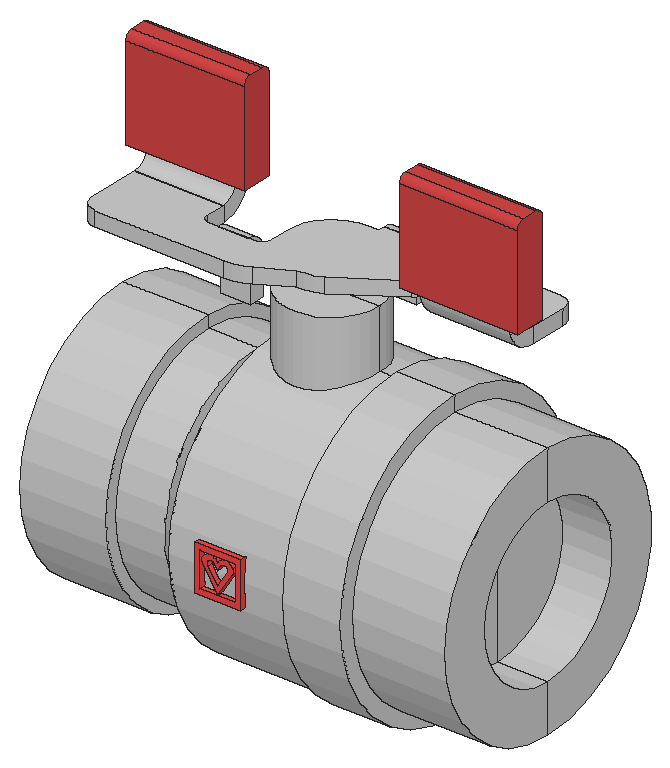
Revit family "Kugelhahn mit Knebelgriff (Blech) 2201", category Rohrzubehör, Revit 2020
Family settings
  Bemaßung runder Anschluss = Durchmesser verwenden
  Teiletyp = Unterbricht
  OmniClass-Nummer = 23.65.55.14
  OmniClass-Titel = Valves for Liquid Services
  Arbeitsebenenbasiert = Nein
  Immer vertikal = Ja
  Beim Laden mit Abzugskörper schneiden = Nein
  Gemeinsam genutzt = Nein
Parameters
  Vorgabe-Ansicht = 0 mm
  Min.Betriebstemperatur (Wasser) = 0.5 °C  # constant formula
  Min.Betriebstemperatur = -30 °C  # constant formula
  Max.Betriebstemperatur (Wasser - kein Dampf) = 110 °C  # constant formula
  Max.Betriebstemperatur = 150 °C  # constant formula
  Max.Betriebsdruck (Verschraubung) = 1600000.0 Pa  # constant formula
  Max.Betriebsdruck = 2500000.0 Pa  # constant formula
  W01 = 135.00°  # constant formula
  URL = "www.herz-armaturen.at"
  Spindeldichtung = "PTFE"  # constant formula
  Spindel = "Messing nach EN 12164, CW614N"  # constant formula
  SCRNSEQ = "ARM;ARM_TYP=\"ABVS\";2"
  SCRNCODE = "05;10;02"  # constant formula
  S02 [instance] = 2 * D01  # 51 mm
  S01 [instance] = L01 + L02 + L06  # 84.5 mm
  R01 [instance] = size_lookup("2201_3X_", "R1", 1 mm, Nennweite)  # 9.5 mm
  Nennweite [instance] = 32 mm
  Medium = "Heizungswasserqualität nach ÖNORM H 5195 oder VDI-Richtline 2035.\r\nDie Verwendung von Ethylen- oder Propylenglykol in einem Mischungsverhältnis 25 - 50% ist zulässig."
  L06 [instance] = size_lookup("2201_3X_", "L6", 1 mm, Nennweite)  # 18.5 mm
  L05 [instance] = size_lookup("2201_3X_", "L5", 1 mm, Nennweite)  # 34.8 mm
  L04 [instance] = size_lookup("2201_3X_", "L4", 1 mm, Nennweite)  # 11.5 mm
  L03 [instance] = size_lookup("2201_3X_", "L3", 1 mm, Nennweite)  # 17 mm
  L02 [instance] = size_lookup("2201_3X_", "L2", 1 mm, Nennweite)  # 24.5 mm
  L01 [instance] = size_lookup("2201_3X_", "L1", 1 mm, Nennweite)  # 41.5 mm
  Kugeldichtung = "PTFE"  # constant formula
  Kugel = "geschmiedetes Messing nach EN 12165, voller Durchgang, verchromt, CW617N"  # constant formula
  Innengewinde = "nach ISO 228-1"  # constant formula
  IG [instance] = Nennweite / 2  # 16 mm
  Hersteller = "HERZ Armaturen Ges.m.b.H"  # constant formula
  H01 [instance] = size_lookup("2201_3X_", "H1", 1 mm, Nennweite)  # 39 mm
  Griff = "Knebelgriff rot, Stahlblech beschichtet"  # constant formula
  Gewicht [instance] = if(Nennweite = 15 mm, 0.17, if(Nennweite = 20 mm, 0.246, if(Nennweite = 25 mm, 0.458, if(Nennweite = 32 mm, 0.712, 0))))  # 0.712
  Gehäuse = "geschmiedetes Messing nach EN 12165, vernickelt, CW617N"  # constant formula
  GT1 [instance] = size_lookup("2201_3X_", "GT1", 1 mm, Nennweite)  # 10 mm
  GT [instance] = size_lookup("2201_3X_", "GT", 1 mm, Nennweite)  # 16 mm
  Einsatzbereich = "Kugelhähne werden zum Absperren von Leitungen und Anlagen verwendet.\r\nEinsatzbereiche sind Heizungs- und Kälteanlagen.\r\nDer Kugelhahn ist nicht geeignet für die Durchflussregelung und muss immer in voll geöffneter oder geschlossener Position verwendet werden."
  DN25-DN32 [instance] = if(Nennweite = 25 mm, 38 mm, 43 mm)  # 43 mm
  DN25+DN32 [instance] = or(Nennweite = 25 mm, Nennweite = 32 mm)  # yes
  DN15-DN20 [instance] = if(Nennweite = 15 mm, 28 mm, 31 mm)  # 31 mm
  DN15+DN20 [instance] = or(Nennweite = 15 mm, Nennweite = 20 mm)  # no
  D05 [instance] = size_lookup("2201_3X_", "D5", 1 mm, Nennweite)  # 25.55 mm
  D04 [instance] = size_lookup("2201_3X_", "D4", 1 mm, Nennweite)  # 27.5 mm
  D03 [instance] = size_lookup("2201_3X_", "D3", 1 mm, Nennweite)  # 28.5 mm
  D02 [instance] = size_lookup("2201_3X_", "D2", 1 mm, Nennweite)  # 23.2 mm
  D01 [instance] = size_lookup("2201_3X_", "D1", 1 mm, Nennweite)  # 25.5 mm
  Bestellnummer [instance] = size_lookup("2201_3X_", "Artnr", 0, Nennweite)  # 1220134
  Anwendungen = "Der Kugelhahn wird in der Installation als Absperreinrichtung verwendet.\r\nAnwendungsgebiete sind Zentralheizungs- und Kälteanlagenlagen.\r\nDie Betriebsbedingungen (wie Temperatur und Druck) sollten dabei eingehalten werden."
Reference planes
  plane 1 "Mitte (Vorne/hinten)": y = 0
  plane 2: z = 0
  plane 3 "Mitte (Links/rechts)": x = 0
Forms (mm)
  Revolve 1, solid, material "Messing, vernickelt", detail levels fine
    sketch origin (0, 0, 0) x (1, 0, 0) y (0, 0, 1)
      loop
        line (24.5, 25.55) -> (24.5, 28.5) -> (13, 28.5) -> (13, 27.5) -> (-10.3, 27.5) -> (-14.6, 23.2) -> (-24.5, 23.2) -> (-24.5, 25.5) -> (-41.5, 25.5) -> (-41.5, 16) -> (-25.5, 16) -> (-25.5, 0) -> (33, 0) -> (33, 16) -> (43, 16) -> (43, 25.55) -> (24.5, 25.55)
      axis (-41.5, 0) -> (43, 0)
    angle from 0 to 360
  Revolve 2, solid, material "Messing, vernickelt", detail levels fine
    sketch origin (0, 0, 0) x (1, 0, 0) y (0, 0, 1)
      loop
        line (0, 0) -> (5.522, 0) -> (5.522, 8.202) -> (9.5, 8.202) -> (9.5, 39) -> (0, 39) -> (0, 0)
      axis (0, 39) -> (0, 0)
    angle from 0 to 360
Lines and regions (mm)
  model lines, detail levels coarse+medium
    curve 1: line (-42.25, 25.5, 0) -> (-42.25, -25.5, 0)
    curve 2: line (-42.25, -25.5, 0) -> (42.25, 25.5, 0)
    curve 3: line (42.25, 25.5, 0) -> (42.25, -25.5, 0)
    curve 4: line (42.25, -25.5, 0) -> (-42.25, 25.5, 0)
    curve 5: circle (0, 0, 0) r 25.5 normal (0, 0, 1)
    curve 6: line (-25.25, 0, 25.5) -> (-25.25, 0, -25.5)
    curve 7: line (-25.25, 0, -25.5) -> (59.25, 0, 25.5)
    curve 8: line (59.25, 0, 25.5) -> (59.25, 0, -25.5)
    curve 9: line (59.25, 0, -25.5) -> (-25.25, 0, 25.5)
    curve 10: circle (0, 0, 0) r 25.5 normal (0, -1, 0)
Dimensions and locks
  "L01": Revolve 1 sketch curve to plane 3 "Mitte (Links/rechts)"
  "L02": Revolve 1 sketch curve to plane 3 "Mitte (Links/rechts)"
  "D01": Revolve 1 sketch curve to plane 2
  "D02": Revolve 1 sketch curve to plane 2
  "L03": Revolve 1 sketch curve to Revolve 1 sketch curve
  "GT": Revolve 1 sketch curve to Revolve 1 sketch curve
  "IG": Revolve 1 sketch curve to plane 2
  "R01": Revolve 2 sketch curve to plane 3 "Mitte (Links/rechts)"
  "H01": Revolve 2 sketch curve to plane 2
  "D03": Revolve 1 sketch curve to plane 2
  "D04": Revolve 1 sketch curve to plane 2
  "L04": Revolve 1 sketch curve to Revolve 1 sketch curve
  "L05": Revolve 1 sketch curve to Revolve 1 sketch curve
  "IG": Revolve 1 sketch curve to Revolve 1 sketch curve
  "GT1": Revolve 1 sketch curve to Revolve 1 sketch curve
  "L06": Revolve 1 sketch curve to Revolve 1 sketch curve
  "D05": Revolve 1 sketch curve to Revolve 1 sketch curve
  "D04": nested 1 to plane 1 "Mitte (Vorne/hinten)"
  equal spacing: curve 2, plane 1 "Mitte (Vorne/hinten)", curve 4
  equal spacing: curve 4, plane 1 "Mitte (Vorne/hinten)", curve 3
  "S02": curve 4 to curve 2
  "S02": curve 3 to curve 4
  equal spacing: curve 1, plane 3 "Mitte (Links/rechts)", curve 3
  "S01": curve 1 to curve 3
  "S02": curve 9 to curve 7
  equal spacing: curve 9, plane 2, curve 7
  equal spacing: curve 8, plane 2, curve 9
  "S02": curve 8 to curve 9
  curve 6 to curve 8 = 84.5 mm
  "S01": curve 6 to curve 8
  "DN15-DN20": nested 2 to plane 2
  "DN25-DN32": nested 3 to plane 2
  "S02": diameter of curve 5
  "S02": diameter of curve 10
  "W01": angle Revolve 1 sketch curve to Revolve 1 sketch curve
  aligned and locked: level to plane 2
Automatic sketch dimensions
  curve 10 to level = 0 mm
  curve 10 to plane 3 "Mitte (Links/rechts)" = 0 mm
  curve 6 to plane 3 "Mitte (Links/rechts)" = 25.25 mm
  plane 1 "Mitte (Vorne/hinten)" to curve 5 = 0 mm
  curve 5 to plane 3 "Mitte (Links/rechts)" = 0 mm
  Revolve 1 sketch curve to level = 0 mm  (x2)
  Revolve 1 sketch curve to Revolve 1 sketch curve = 1481.63 mm
  Revolve 1 sketch curve to Revolve 1 sketch curve = 1814.648 mm
  Revolve 2 sketch curve to level = 0 mm
  Revolve 2 sketch curve to plane 3 "Mitte (Links/rechts)" = 0 mm  (x2)
  plane 3 "Mitte (Links/rechts)" to Revolve 2 sketch curve = 5.522 mm
  level to Revolve 2 sketch curve = 8.202 mm
  Revolve 2 sketch curve to Revolve 2 sketch curve = 366.045 mm
  Revolve 2 sketch curve to Revolve 2 sketch curve = 2190.315 mm
Nested families
  nested 1: "Herz-Logo-vorne" at (0, -27.5, 0) x (0, 1, 0) z (0, 0, 1), type "Herz-Logo-vorne", detail levels fine
  nested 2: "Knebelgriff (Blech) DN15-DN20" at (0, 0, 31), visible <- "DN15+DN20", type "Knebelgriff (Blech) DN15-DN20"
  nested 3: "Knebelgriff (Blech) DN25-DN32" at (0, 0, 43), visible <- "DN25+DN32", type "Knebelgriff (Blech) DN25-DN32"
Connectors
  piping at (6.5, 0, 0), diameter 32, driven by "Nennweite"
    settings: on Revolve 1, index 1, connector inside diameter 609.6 mm, connector length 0 mm, flow factor 0, pipe flow 0.0 L/s, pressure drop 0.0 Pa, fitting loss kfactor 0, connector angle 0.00°, fixture units 0, engagement length 0 mm, angle of deflection 0.00°, flow configuration 0, flow direction 0, fitting loss method 0, system type 7, joint type 0, gender type 0, connector reference index -1, connector utility 0, adjustable connector no, is connector primary yes, connector description ""
  piping at (-25.5, 0, 0), diameter 32, driven by "Nennweite"
    settings: on Revolve 1, index 2, connector inside diameter 609.6 mm, connector length 0 mm, flow factor 0, pipe flow 0.0 L/s, pressure drop 0.0 Pa, fitting loss kfactor 0, connector angle 0.00°, fixture units 0, engagement length 0 mm, angle of deflection 0.00°, flow configuration 0, flow direction 0, fitting loss method 0, system type 7, joint type 0, gender type 0, connector reference index -1, connector utility 0, adjustable connector no, is connector primary no, connector description ""
Definition of nested family "Herz-Logo-vorne"
  Parameters (values of type "Herz-Logo-vorne")
    Default Elevation = 0 mm
  Reference planes
    plane 1 "Mitte (Vorne/hinten)": y = 0
    plane 2: z = 0
    plane 3 "Mitte (Links/rechts)": x = 0
  Forms (mm)
    Extrusion 1, solid
      sketch origin (0.732, -0.018, 0.017) x (0, -1, 0) y (0, 0, 1)
        loop
          line (-0.018, -4.517) -> (4.482, -4.517) -> (4.482, 4.483) -> (-4.518, 4.483) -> (-4.518, -4.517) -> (-0.018, -4.517)
        loop
          line (-0.05, -3.48) -> (3.482, -3.48) -> (3.482, 3.483) -> (-3.518, 3.483) -> (-3.518, -3.48) -> (-0.05, -3.48)
        loop
          arc (-0.018, 2.383) -> (-1.543, 3.287) -> (-3.067, 2.383) r 1.738
          arc (-3.067, 2.383) -> (-3.191, 1.899) -> (-3.067, 1.415) r 1.009
          line (-3.067, 1.415) -> (-0.018, -3.281) -> (3.032, 1.415)
          arc (3.032, 1.415) -> (3.156, 1.899) -> (3.032, 2.383) r 1.009
          arc (3.032, 2.383) -> (1.507, 3.287) -> (-0.018, 2.383) r 1.738
        loop
          arc (1.885, 1.272) -> (2.005, 1.675) -> (1.885, 2.079) r 0.74
          arc (1.885, 2.079) -> (1.265, 2.416) -> (0.644, 2.079) r 0.74
          line (0.644, 2.079) -> (-0.018, 0.97) -> (-0.679, 2.079)
          arc (-0.679, 2.079) -> (-1.3, 2.416) -> (-1.921, 2.079) r 0.74
          arc (-1.921, 2.079) -> (-2.04, 1.675) -> (-1.921, 1.272) r 0.74
          line (-1.921, 1.272) -> (-0.018, -1.658) -> (1.885, 1.272)
      from 0 to 1.5
  Dimensions and locks
    aligned and locked: level to plane 2
Definition of nested family "Knebelgriff (Blech) DN15-DN20"
  Parameters (values of type "Knebelgriff (Blech) DN15-DN20")
    Default Elevation = 0 mm
  Reference planes
    plane 1 "Mitte (Vorne/hinten)": y = 0
    plane 2: z = 0
    plane 3 "Mitte (Links/rechts)": x = 0
  Forms (mm)
    Extrusion 1, solid, detail levels fine
      sketch origin (0, 0, 0) x (1, 0, 0) y (0, 1, 0)
        loop
          line (-7, 0) -> (-7, -3.8)
          arc (-7, -3.8) -> (-7.439, -4.861) -> (-8.5, -5.3) r 1.5
          line (-8.5, -5.3) -> (-14.5, -5.3)
          arc (-14.5, -5.3) -> (-15.561, -4.861) -> (-16, -3.8) r 1.5
          line (-16, -3.8) -> (-16, 0) -> (-28, 0) -> (-28, -8.1)
          arc (-28, -8.1) -> (-27.121, -10.221) -> (-25, -11.1) r 3
          line (-25, -11.1) -> (-3.453, -11.1)
          arc (-3.453, -11.1) -> (-2.496, -10.91) -> (-1.685, -10.368) r 2.5
          line (-1.685, -10.368) -> (4.443, -4.24)
          arc (4.443, -4.24) -> (5.743, -2.295) -> (6.2, 0) r 6
          arc (6.2, 0) -> (6.64, 1.06) -> (7.7, 1.499) r 1.5
          line (7.7, 1.499) -> (15.1, 1.499)
          arc (15.1, 1.499) -> (16.16, 1.06) -> (16.6, 0) r 1.5
          line (16.6, 0) -> (28.6, 0) -> (28.6, 4)
          arc (28.6, 4) -> (27.721, 6.121) -> (25.6, 7) r 3
          line (25.6, 7) -> (0, 7)
          arc (0, 7) -> (-4.95, 4.95) -> (-7, 0) r 7
      from 0 to 2.5
    Extrusion 2, solid, detail levels fine
      sketch origin (0, 0, 0) x (0, 1, 0) y (0, 0, 1)
        loop
          arc (2.5, 5) -> (1.768, 3.232) -> (0, 2.5) r 2.5
          line (0, 2.5) -> (0, 0)
          arc (0, 0) -> (3.536, 1.464) -> (5, 5) r 5
          line (5, 5) -> (5, 6) -> (2.5, 6) -> (2.5, 5)
      from -28 to -16
    Extrusion 3, solid, detail levels fine
      sketch origin (0, 5.3, 0) x (0, 1, 0) y (0, 0, 1)
        loop
          line (-7.8, 5) -> (-7.8, 6) -> (-10.3, 6) -> (-10.3, 5)
          arc (-10.3, 5) -> (-8.836, 1.464) -> (-5.3, 0) r 5
          line (-5.3, 0) -> (-5.3, 2.5)
          arc (-5.3, 2.5) -> (-7.068, 3.232) -> (-7.8, 5) r 2.5
      from 16.6 to 28.6
    Extrusion 4, solid, detail levels fine
      sketch origin (0, 0, 0) x (0, 1, 0) y (0, 0, 1)
        loop
          line (5.75, 6) -> (5.75, 17.041)
          arc (5.75, 17.041) -> (5.469, 17.719) -> (4.791, 18) r 0.959
          line (4.791, 18) -> (2.773, 18)
          arc (2.773, 18) -> (2.05, 17.7) -> (1.75, 16.977) r 1.023
          line (1.75, 16.977) -> (1.75, 6) -> (5.75, 6)
      from -29.7 to -14.3
    Extrusion 5, solid, detail levels fine
      sketch origin (0, 0, 0) x (0, 1, 0) y (0, 0, 1)
        loop
          line (-5.75, 6) -> (-1.75, 6) -> (-1.75, 17)
          arc (-1.75, 17) -> (-2.043, 17.707) -> (-2.75, 18) r 1
          line (-2.75, 18) -> (-4.75, 18)
          arc (-4.75, 18) -> (-5.457, 17.707) -> (-5.75, 17) r 1
          line (-5.75, 17) -> (-5.75, 6)
      from 30.3 to 14.9
    Extrusion 6, solid, detail levels fine
      sketch origin (0, 0, 0) x (0, 1, 0) y (0, 0, 1)
        loop
          line (9, -2) -> (9, -8) -> (11.5, -8) -> (11.5, -2)
          arc (11.5, -2) -> (10.182, 1.182) -> (7, 2.5) r 4.5
          line (7, 2.5) -> (7, 0)
          arc (7, 0) -> (8.414, -0.586) -> (9, -2) r 2
      from 8.1 to 2.1
    Extrusion 7, solid, detail levels fine
      sketch origin (0, 0, 0) x (0, 1, 0) y (0, 0, 1)
        loop
          line (-4.3, -1) -> (-4.3, -8) -> (-1.8, -8) -> (-1.8, -1)
          arc (-1.8, -1) -> (-2.825, 1.475) -> (-5.3, 2.5) r 3.5
          line (-5.3, 2.5) -> (-5.3, 0)
          arc (-5.3, 0) -> (-4.593, -0.293) -> (-4.3, -1) r 1
      from -14.5 to -8.5
  Dimensions and locks
    aligned and locked: level to plane 2
Definition of nested family "Knebelgriff (Blech) DN25-DN32"
  Parameters (values of type "Knebelgriff (Blech) DN25-DN32")
    Default Elevation = 0 mm
  Reference planes
    plane 1 "Mitte (Vorne/hinten)": y = 0
    plane 2: z = 0
    plane 3 "Mitte (Links/rechts)": x = 0
  Forms (mm)
    Extrusion 1, solid, detail levels fine
      sketch origin (0, 0, 0) x (1, 0, 0) y (0, 1, 0)
        loop
          arc (0, 9) -> (-6.364, 6.364) -> (-9, 0) r 9
          line (-9, 0) -> (-9, -4.1)
          arc (-9, -4.1) -> (-9.439, -5.161) -> (-10.5, -5.6) r 1.5
          line (-10.5, -5.6) -> (-20, -5.6)
          arc (-20, -5.6) -> (-21.061, -5.161) -> (-21.5, -4.1) r 1.5
          line (-21.5, -4.1) -> (-21.5, 0) -> (-39.1, 0) -> (-39.1, -10.6)
          arc (-39.1, -10.6) -> (-38.221, -12.721) -> (-36.1, -13.6) r 3
          line (-36.1, -13.6) -> (-10.5, -13.6)
          arc (-10.5, -13.6) -> (-8.037, -13.275) -> (-5.742, -12.323) r 9.5
          line (-5.742, -12.323) -> (0, -9)
          arc (0, -9) -> (2.463, -8.675) -> (4.758, -7.723) r 9.5
          line (4.758, -7.723) -> (16.029, -0.25)
          arc (16.029, -0.25) -> (16.522, 0.291) -> (16.7, 1) r 1.5
          arc (16.7, 1) -> (17.139, 2.061) -> (18.2, 2.5) r 1.5
          line (18.2, 2.5) -> (20.9, 2.5)
          arc (20.9, 2.5) -> (21.961, 2.061) -> (22.4, 1) r 1.5
          line (22.4, 1) -> (22.4, 0) -> (40, 0) -> (40, 7.5)
          arc (40, 7.5) -> (39.121, 9.621) -> (37, 10.5) r 3
          line (37, 10.5) -> (2.1, 10.5) -> (2.1, 9) -> (0, 9)
      from 0 to 3
    Extrusion 2, solid, detail levels fine
      sketch origin (0, 0, 0) x (0, 1, 0) y (0, 0, 1)
        loop
          arc (3, 6) -> (2.121, 3.879) -> (0, 3) r 3
          line (0, 3) -> (0, 0)
          arc (0, 0) -> (4.243, 1.757) -> (6, 6) r 6
          line (6, 6) -> (3, 6)
      from -39.1 to -21.5
    Extrusion 3, solid, detail levels fine
      sketch origin (0, 0, 0) x (0, 1, 0) y (0, 0, 1)
        loop
          arc (0, 3) -> (-2.121, 3.879) -> (-3, 6) r 3
          line (-3, 6) -> (-6, 6)
          arc (-6, 6) -> (-4.243, 1.757) -> (0, 0) r 6
          line (0, 0) -> (0, 3)
      from 22.4 to 40
    Extrusion 4, solid, detail levels fine
      sketch origin (0, 0, 0) x (0, 1, 0) y (0, 0, 1)
        loop
          line (7.5, 6) -> (7.5, 24.5)
          arc (7.5, 24.5) -> (7.061, 25.561) -> (6, 26) r 1.5
          line (6, 26) -> (3, 26)
          arc (3, 26) -> (1.939, 25.561) -> (1.5, 24.5) r 1.5
          line (1.5, 24.5) -> (1.5, 6) -> (7.5, 6)
      from -42.05 to -18.55
    Extrusion 5, solid, detail levels fine
      sketch origin (0, 0, 0) x (0, 1, 0) y (0, 0, 1)
        loop
          line (-7.5, 6) -> (-1.5, 6) -> (-1.5, 24.5)
          arc (-1.5, 24.5) -> (-1.939, 25.561) -> (-3, 26) r 1.5
          line (-3, 26) -> (-6, 26)
          arc (-6, 26) -> (-7.061, 25.561) -> (-7.5, 24.5) r 1.5
          line (-7.5, 24.5) -> (-7.5, 6)
      from 19.45 to 42.95
    Extrusion 6, solid, detail levels fine
      sketch origin (0, 0, 0) x (0, 1, 0) y (0, 0, 1)
        loop
          arc (14, -0.5) -> (12.975, 1.975) -> (10.5, 3) r 3.5
          line (10.5, 3) -> (10.5, 0)
          arc (10.5, 0) -> (10.854, -0.146) -> (11, -0.5) r 0.5
          line (11, -0.5) -> (11, -9) -> (14, -9) -> (14, -0.5)
      from 2.1 to 8.1
    Extrusion 7, solid, detail levels fine
      sketch origin (0, -16.1, 0) x (0, 1, 0) y (0, 0, 1)
        loop
          arc (14, -0.5) -> (12.975, 1.975) -> (10.5, 3) r 3.5
          line (10.5, 3) -> (10.5, 0)
          arc (10.5, 0) -> (10.854, -0.146) -> (11, -0.5) r 0.5
          line (11, -0.5) -> (11, -9) -> (14, -9) -> (14, -0.5)
      from -12 to -18
  Dimensions and locks
    aligned and locked: level to plane 2
